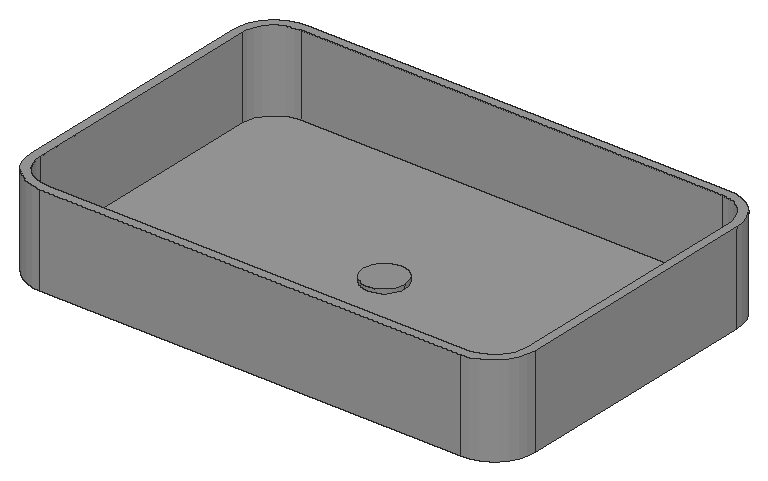
Revit family "L.DELIA", category Plumbing Fixtures, Revit 2019
Family settings
  Round Connector Dimension = Use Diameter
  Part Type = Normal
  OmniClass Number = 23.45.00.00
  OmniClass Title = Sanitary, Laundry, and Cleaning Equipment
  Work Plane-Based = No
  Always vertical = Yes
  Cut with Voids When Loaded = No
  Shared = No
  Room Calculation Point = No
Reference planes
  plane 1 "Center (Front/Back)": y = 0
  plane 2: z = 0
  plane 3 "Center (Left/Right)": x = 0
Forms (mm)
  Extrusion 1, solid
    sketch origin (0, 0, 0) x (1, 0, 0) y (0, 1, 0)
      loop
        line (50, 0) -> (560, 0)
        arc (560, 0) -> (595.355, 14.645) -> (610, 50) r 50
        line (610, 50) -> (610, 355)
        arc (610, 355) -> (595.355, 390.355) -> (560, 405) r 50
        line (560, 405) -> (50, 405)
        arc (50, 405) -> (14.645, 390.355) -> (0, 355) r 50
        line (0, 355) -> (0, 50)
        arc (0, 50) -> (14.645, 14.645) -> (50, 0) r 50
    from 0 to 110
  Extrusion 2, void
    sketch origin (0, 0, 0) x (1, 0, 0) y (0, 1, 0)
      loop
        arc (50, 395) -> (21.716, 383.284) -> (10, 355) r 40
        line (10, 355) -> (10, 50)
        arc (10, 50) -> (21.716, 21.716) -> (50, 10) r 40
        line (50, 10) -> (560, 10)
        arc (560, 10) -> (588.284, 21.716) -> (600, 50) r 40
        line (600, 50) -> (600, 355)
        arc (600, 355) -> (588.284, 383.284) -> (560, 395) r 40
        line (560, 395) -> (50, 395)
    from 11.967 to 110
  Extrusion 3, solid
    sketch origin (0, 0, 0) x (1, 0, 0) y (0, 1, 0)
      loop
        circle (305, 202.5) r 25
    from 11.967 to 16.544
Cuts and joins
  Extrusion 2 cuts Extrusion 1
Dimensions and locks
  aligned and locked: level to plane 2
